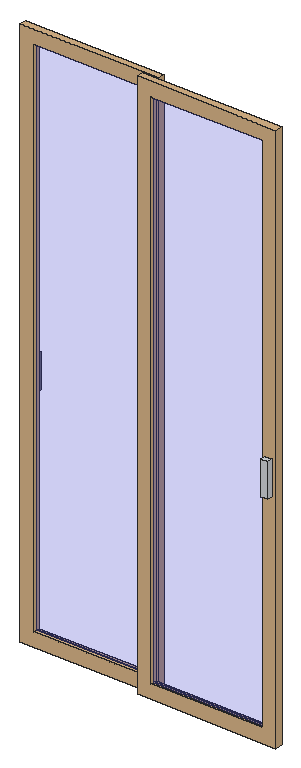
Revit family "PKNail Sliding Glass", category Doors, host Wall, Revit 2017
Family settings
  Host = Wall
  Always vertical = Yes
  Cut with Voids When Loaded = No
  Shared = No
  Room Calculation Point = No
Parameters (values of type "1000 x 2100mm")
  Width = 1000.00 mm
  PKNail Family Lateral Orientation = "Sliding"
  PKNail Family Facing Orientation = "None"
  PKNail Family = "Sliding Glass"
  Height = 2100.00 mm
  Function = Interior
  Assembly Code = ""
Reference planes
  plane 1: y = 0
  plane 2 "Center (Left/Right)": x = 0
  plane 3 "Wall Edge": y = 76.2
  plane 4: x = -500
  plane 5: x = 500
  plane 6: z = 2100
Forms (mm)
  Extrusion 1, void
    sketch origin (0, 76.2, 0) x (1, 0, 0) y (0, 0, 1)
      loop
        line (500, 2100) -> (-500, 2100) -> (-500, 0) -> (500, 0) -> (500, 2100)
    from 0 to 1524
  Extrusion 2, solid, material "Door - Panel"
    sketch origin (-1524, 0, 0) x (1, 0, 0) y (0, 0, 1)
      loop
        line (1495.425, 3.175) -> (2020.825, 3.175) -> (2020.825, 2096.825) -> (1495.425, 2096.825) -> (1495.425, 3.175)
    from 3 to 28
  Extrusion 3, solid, material "Door - Panel"
    sketch origin (-1524, 0, 0) x (1, 0, 0) y (0, 0, 1)
      loop
        line (1552.575, 3.175) -> (1552.575, 2096.825) -> (1027.175, 2096.825) -> (1027.175, 3.175) -> (1552.575, 3.175)
    from -3 to -28
  Extrusion 4, solid, material "Door - Knob"
    sketch origin (-1555.75, 28, 850.9) x (1, 0, 0) y (0, 0, 1)
      loop
        line (1074.8, 0) -> (1100.2, 0) -> (1100.2, 127) -> (1074.8, 127) -> (1074.8, 0)
    from 0 to -19
  Extrusion 5, solid
    sketch origin (-1492.25, -28, 847.725) x (-1, 0, 0) y (0, 0, 1)
      loop
        line (-1973.2, 3.175) -> (-1947.8, 3.175) -> (-1947.8, 130.175) -> (-1973.2, 130.175) -> (-1973.2, 3.175)
    from 0 to -19
  Extrusion 6, void
    sketch origin (-1524, 28, 0) x (-1, 0, 0) y (0, 0, 1)
      loop
        line (-1077.975, 2046.025) -> (-1501.775, 2046.025) -> (-1501.775, 53.975) -> (-1077.975, 53.975) -> (-1077.975, 2046.025)
    from 0 to -25
  Extrusion 7, void
    sketch origin (-1524, 28, 0) x (-1, 0, 0) y (0, 0, 1)
      loop
        line (-1065.275, 2058.725) -> (-1514.475, 2058.725) -> (-1514.475, 41.275) -> (-1065.275, 41.275) -> (-1065.275, 2058.725)
    from -15 to -10
  Extrusion 8, solid, material "Glass"
    sketch origin (-1524, 28, 0) x (1, 0, 0) y (0, 0, 1)
      loop
        line (1065.275, 41.275) -> (1514.475, 41.275) -> (1514.475, 2058.725) -> (1065.275, 2058.725) -> (1065.275, 41.275)
    from 10 to 15
  Extrusion 9, void
    sketch origin (-1524, -28, 0) x (1, 0, 0) y (0, 0, 1)
      loop
        line (1982.725, 2058.725) -> (1533.525, 2058.725) -> (1533.525, 41.275) -> (1982.725, 41.275) -> (1982.725, 2058.725)
    from -10 to -15
  Extrusion 10, void
    sketch origin (-1524, -28, 0) x (1, 0, 0) y (0, 0, 1)
      loop
        line (1970.025, 2046.025) -> (1546.225, 2046.025) -> (1546.225, 53.975) -> (1970.025, 53.975) -> (1970.025, 2046.025)
    from 0 to -25
  Extrusion 11, solid, material "Glass"
    sketch origin (-1524, -28, 0) x (-1, 0, 0) y (0, 0, 1)
      loop
        line (-1982.725, 2058.725) -> (-1982.725, 41.275) -> (-1533.525, 41.275) -> (-1533.525, 2058.725) -> (-1982.725, 2058.725)
    from 10 to 15
Cuts and joins
  Extrusion 6, Extrusion 7 cuts Extrusion 3
  Extrusion 9, Extrusion 10 cuts Extrusion 2
  Extrusion 9 cuts Extrusion 5
Text (mm)
  text "Placement Side" at (0, 1019.848, 3124.603), in view "Right"
  text "Placement Side" at (-2332.134, 1152.858, 0), in view "Ref. Level"
  text "Placement Side" at (0, 2073.289, 3571.227), in view "Left"
Dimensions and locks
  locked: plane 3 "Wall Edge" to host wall
  equal spacing: plane 5, plane 2 "Center (Left/Right)", plane 4
  "Width": plane 5 to plane 4
  "Height": level to plane 6
  aligned and locked: plane 5 to Extrusion 1 sketch curve
  aligned and locked: plane 6 to Extrusion 1 sketch curve
  aligned and locked: level to Extrusion 1 sketch curve
  aligned and locked: Extrusion 1 sketch curve to plane 4
Automatic sketch dimensions
  level to Extrusion 2 sketch curve = 3.175 mm
  Extrusion 2 sketch curve to plane 6 = 3.175 mm
  Extrusion 2 sketch curve to plane 2 "Center (Left/Right)" = 28.575 mm
  Extrusion 2 sketch curve to plane 5 = 3.175 mm
  plane 2 "Center (Left/Right)" to Extrusion 3 sketch curve = 28.575 mm
  level to Extrusion 3 sketch curve = 3.175 mm
  Extrusion 3 sketch curve to plane 6 = 3.175 mm
  plane 4 to Extrusion 3 sketch curve = 3.175 mm
  Extrusion 4 sketch curve to Extrusion 3 = 15.875 mm
  Extrusion 4 sketch curve to Extrusion 4 sketch curve = 25.40 mm
  Extrusion 4 sketch curve to Extrusion 3 = 847.725 mm
  Extrusion 4 sketch curve to Extrusion 3 = 974.725 mm
  Extrusion 5 sketch curve to Extrusion 2 = 847.725 mm
  Extrusion 5 sketch curve to Extrusion 2 = 15.875 mm
  Extrusion 5 sketch curve to Extrusion 5 sketch curve = 25.40 mm
  Extrusion 5 sketch curve to Extrusion 2 = 974.725 mm
  Extrusion 3 to Extrusion 6 sketch curve = 50.80 mm  (x4)
  Extrusion 3 to Extrusion 7 sketch curve = 38.10 mm  (x4)
  Extrusion 8 sketch curve to Extrusion 3 = 38.10 mm  (x4)
  Extrusion 2 to Extrusion 9 sketch curve = 38.10 mm  (x4)
  Extrusion 2 to Extrusion 10 sketch curve = 50.80 mm  (x4)
  Extrusion 11 sketch curve to Extrusion 2 = 38.10 mm  (x4)
